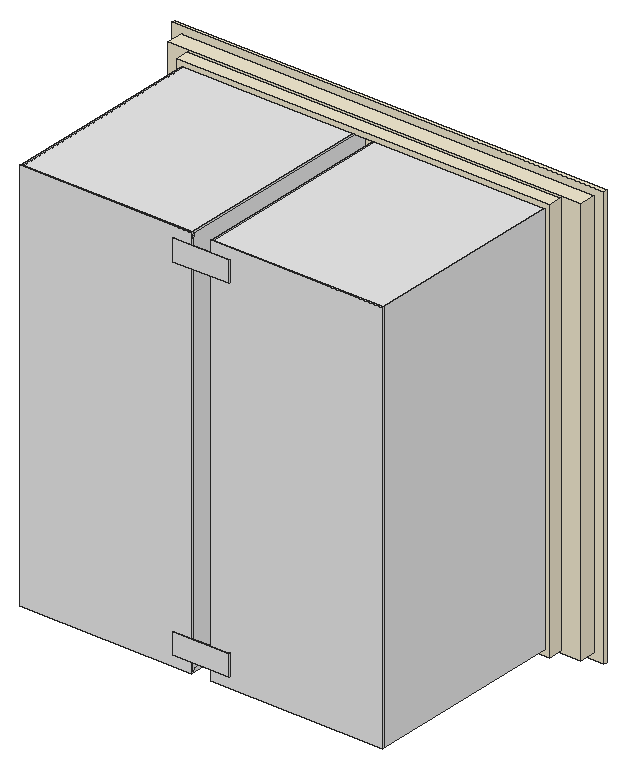
Revit family "Mailboxes_4C-Salsbury_Industries-Front_Load-8_Door_High_Units", category Specialty Equipment, host Wall, Revit 2016 (continued)
Definition of nested family "3700 Series 4C OM2 Configuration"
  Reference planes (in)
    plane 2 "Bottom of Door": z = 0
    plane 3 "Center (Left/Right)": x = 0
    plane 4 "Left Side Face of Door": x = -6.6875
    plane 5 "Right Side Face of Door": x = 6.6875
    plane 6 "Back Face of Door": y = 0.12695
    plane 7 "Front Face of Door": y = -0.12695
    plane 8: z = 3.23047
    plane 9: z = 1.61523
    plane 10: y = -0.46995
    plane 11 "Center Lock Vertical": x = -4.3275
    plane 12 "Center Lock Horizontal": z = 1.61523
    plane 13 "Face of Lock": y = -0.42383
    plane 14 "Divider Height Align": z = 3.50047
    plane 15 "Plate Center": x = -0.16063
    plane 16 "Left Stud Align": x = -5.7025
    plane 17 "Right Stud Align": x = -2.8895
    plane 18 "Top Stud Align": z = 2.27147
    plane 19 "Bottom Stud Align": z = 0.95947
    plane 20 "Hinge Stud Align": x = 5.6875
    plane 21 "Mail Plate Top": z = 2.61547
    plane 22 "Mail Plate Bottom": z = 0.61547
    plane 23: x = -2.1595
    plane 24: x = 1.8405
    plane 25 "Face of Mail Plate": y = -0.16602
    plane 26 "Top of Mail Drop Door": z = 6.73094
    plane 27 "Top of Mail Drop Divider": z = 7.00047
    plane 28 "Face of Mail Drop": y = -0.31995
    plane 29 "Top of Mail Slot": z = 6.42087
    plane 30 "Bottom of Mail Slot": z = 5.67087
    plane 31 "Left Edge of Mail Slot": x = -5.3755
    plane 32 "Right Edge of Mail Slot": x = 5.3755
    plane 33 "Mail Slot Bottom Protusion": z = 6.50987
    plane 34: y = -0.49395
    plane 35: z = 6.15637
    plane 36 "Front of Awning": y = -1.63495
    plane 37: y = -1.15685
    plane 38 "Mail Slot Slope": through (-240, -0.44582, 6.9722) normal (0, -0.5, 0.866)
    plane 39 "Access Lock Offset": y = 0.12695
  Forms (in)
    Extrusion 1, solid, material <- "Front Panel Material"
      sketch origin (0, 0, 0) x (1, 0, 0) y (0, 1, 0)
        loop
          line (-6.4355, 0.12695) -> (-6.6875, -0.05445) -> (-6.6875, -0.12695) -> (6.05625, -0.12695)
          arc (6.05625, -0.12695) -> (6.19558, -0.17661) -> (6.27209, -0.3032) r 0.22029
          arc (6.27209, -0.3032) -> (6.3553, -0.42132) -> (6.4925, -0.46664) r 0.23034
          arc (6.4925, -0.46664) -> (6.63039, -0.40952) -> (6.6875, -0.27164) r 0.195
          line (6.6875, -0.27164) -> (6.6875, 0.12695) -> (-6.4355, 0.12695)
      from 0 to 3.23047
    Extrusion 2, solid, material <- "Front Panel Material"
      sketch origin (0, 0, 3.50047) x (-1, 0, 0) y (0, -1, 0)
        loop
          line (6.6875, -0.12695) -> (6.6875, 0.46995) -> (-6.6875, 0.46995) -> (-6.6875, -0.12695) -> (6.6875, -0.12695)
      from -0.27 to 0
    Extrusion 3, void
      sketch origin (0, 0.12695, 0) x (0, 0, -1) y (-1, 0, 0)
        loop
          circle (-1.61523, 4.3275) r 0.4375
      from 0 to -0.25391
    Extrusion 4, solid, material <- "Lock Material", visible <- "Access Lock"
      sketch origin (0, 0.12695, 0) x (0, 0, -1) y (-1, 0, 0)
        loop
          circle (-1.61523, 4.3275) r 0.42913
      from 0 to -0.25391
    Extrusion 5, void, detail levels fine
      sketch origin (0, 0.12695, 3.4) x (-1, 0, 0) y (0, 0, 1)
        loop
          line (4.3568, -1.47517) -> (4.2982, -1.47517) -> (4.2982, -2.09436) -> (4.3568, -2.09436) -> (4.3568, -1.47517)
      from -0.12695 to -0.25391
    Blend 6, solid, material <- "Front Panel Material", detail levels medium+fine
      base sketch origin (0, -0.12695, 2.68123) x (-1, 0, 0) y (0, 0, 1)
        loop
          circle (5.7025, -0.40977) r 0.15665
      top sketch origin (0, -0.12695, 2.68123) x (-1, 0, 0) y (0, 0, 1)
        loop
          circle (5.7025, -0.40977) r 0.3125
      from -0.11328 to 0
    Blend 7, solid, material <- "Front Panel Material", detail levels medium+fine
      base sketch origin (1.3125, -0.12695, 2.68123) x (-1, 0, 0) y (0, 0, 1)
        loop
          circle (4.202, -0.40977) r 0.15665
      top sketch origin (1.3125, -0.12695, 2.68123) x (-1, 0, 0) y (0, 0, 1)
        loop
          circle (4.202, -0.40977) r 0.3125
      from -0.11328 to 0
    Blend 8, solid, material <- "Front Panel Material", detail levels medium+fine
      base sketch origin (0, -0.12695, 1.36923) x (-1, 0, 0) y (0, 0, 1)
        loop
          circle (5.7025, -0.40977) r 0.15665
      top sketch origin (0, -0.12695, 1.36923) x (-1, 0, 0) y (0, 0, 1)
        loop
          circle (5.7025, -0.40977) r 0.3125
      from -0.11328 to 0
    Blend 9, solid, material <- "Front Panel Material", detail levels medium+fine
      base sketch origin (1.3125, -0.12695, 1.36923) x (-1, 0, 0) y (0, 0, 1)
        loop
          circle (4.202, -0.40977) r 0.15665
      top sketch origin (1.3125, -0.12695, 1.36923) x (-1, 0, 0) y (0, 0, 1)
        loop
          circle (4.202, -0.40977) r 0.3125
      from -0.11328 to 0
    Blend 10, solid, material <- "Front Panel Material", detail levels medium+fine
      base sketch origin (9.8895, -0.12695, 2.68123) x (-1, 0, 0) y (0, 0, 1)
        loop
          circle (4.202, -0.40977) r 0.15665
      top sketch origin (9.8895, -0.12695, 2.68123) x (-1, 0, 0) y (0, 0, 1)
        loop
          circle (4.202, -0.40977) r 0.3125
      from -0.11328 to 0
    Blend 11, solid, material <- "Front Panel Material", detail levels medium+fine
      base sketch origin (9.8895, -0.12695, 1.36923) x (-1, 0, 0) y (0, 0, 1)
        loop
          circle (4.202, -0.40977) r 0.15665
      top sketch origin (9.8895, -0.12695, 1.36923) x (-1, 0, 0) y (0, 0, 1)
        loop
          circle (4.202, -0.40977) r 0.3125
      from -0.11328 to 0
    Extrusion 12, solid, material <- "Lock Material"
      sketch origin (0, -0.12695, 0) x (-1, 0, 0) y (0, 0, 1)
        loop
          line (1.96028, 2.61547) -> (-1.64128, 2.61547)
          arc (-1.64128, 2.61547) -> (-1.78215, 2.55712) -> (-1.8405, 2.41625) r 0.19922
          line (-1.8405, 2.41625) -> (-1.8405, 0.81469)
          arc (-1.8405, 0.81469) -> (-1.78215, 0.67382) -> (-1.64128, 0.61547) r 0.19922
          line (-1.64128, 0.61547) -> (1.96028, 0.61547)
          arc (1.96028, 0.61547) -> (2.10115, 0.67382) -> (2.1595, 0.81469) r 0.19922
          line (2.1595, 0.81469) -> (2.1595, 2.41625)
          arc (2.1595, 2.41625) -> (2.10115, 2.55712) -> (1.96028, 2.61547) r 0.19922
      from 0 to -0.03906
    Extrusion 13, solid, material <- "Front Panel Material"
      sketch origin (-2.13946, 0, 3.50047) x (-1, 0, 0) y (0, -1, 0)
        loop
          line (4.54804, -0.12695) -> (4.54804, 0.31995) -> (-8.82696, 0.31995) -> (-8.82696, -0.12695) -> (4.54804, -0.12695)
      from 0 to 3.0094
    Extrusion 14, void
      sketch origin (0, -0.31995, 0) x (0, 0, -1) y (-1, 0, 0)
        loop
          arc (-5.67087, 5.0005) -> (-6.04587, 5.3755) -> (-6.42087, 5.0005) r 0.375
          line (-6.42087, 5.0005) -> (-6.42087, -5.0005)
          arc (-6.42087, -5.0005) -> (-6.04587, -5.3755) -> (-5.67087, -5.0005) r 0.375
          line (-5.67087, -5.0005) -> (-5.67087, 5.0005)
      from 0 to 0.44691
    Extrusion 15, solid, material <- "Front Panel Material"
      sketch origin (0, 0, 0) x (0, 1, 0) y (0, 0, 1)
        loop
          line (0.12695, 6.50987) -> (0.12695, 7.00047) -> (-0.46995, 7.00047) -> (-0.75605, 6.83078) -> (-0.73973, 6.80251) -> (-1.27431, 6.49388) -> (-1.29063, 6.52214) -> (-1.61027, 6.3376)
          arc (-1.61027, 6.3376) -> (-1.63087, 6.31111) -> (-1.62714, 6.27777) r 0.04454
          line (-1.62714, 6.27777) -> (-1.5282, 6.17883)
          arc (-1.5282, 6.17883) -> (-1.4937, 6.16211) -> (-1.4558, 6.15637) r 0.12791
          line (-1.4558, 6.15637) -> (-1.10623, 6.15637) -> (-0.49395, 6.50987) -> (0.12695, 6.50987)
      from -6.6875 to 6.6875
  Cuts and joins
    Extrusion 3 cuts Extrusion 1
    Extrusion 5 cuts Extrusion 4
    Extrusion 14 cuts Extrusion 13
  Lines and regions (in)
    symbolic lines
      curve 1: circle (-5.7025, -0.12695, 2.27147) r 0.3125 normal (0, 1, 0)
      curve 2: circle (-5.7025, -0.12695, 0.95947) r 0.3125 normal (0, 1, 0)
      curve 3: circle (-2.8895, -0.12695, 0.95947) r 0.3125 normal (0, 1, 0)
      curve 4: circle (-2.8895, -0.12695, 2.27147) r 0.3125 normal (0, 1, 0)
      curve 5: circle (-4.3275, -0.12695, 1.61523) r 0.42913 normal (0, 1, 0)
      curve 6: circle (5.6875, -0.12695, 0.95947) r 0.3125 normal (0, 1, 0)
      curve 7: circle (5.6875, -0.12695, 2.27147) r 0.3125 normal (0, 1, 0)
      curve 8: arc (-2.1595, -0.12695, 2.41625) -> (-2.10115, -0.12695, 2.55712) -> (-1.96028, -0.12695, 2.61547) r 0.19922
      curve 9: arc (1.8405, -0.12695, 2.41625) -> (1.78215, -0.12695, 2.55712) -> (1.64128, -0.12695, 2.61547) r 0.19922
      curve 10: arc (1.8405, -0.12695, 0.81469) -> (1.78215, -0.12695, 0.67382) -> (1.64128, -0.12695, 0.61547) r 0.19922
      curve 11: arc (-1.96028, -0.12695, 0.61547) -> (-2.10115, -0.12695, 0.67382) -> (-2.1595, -0.12695, 0.81469) r 0.19922
      curve 12: line (-2.1595, -0.12695, 0.81469) -> (-2.1595, -0.12695, 2.41625)
      curve 13: line (-1.96028, -0.12695, 2.61547) -> (1.64128, -0.12695, 2.61547)
      curve 14: line (1.8405, -0.12695, 2.41625) -> (1.8405, -0.12695, 0.81469)
      curve 15: line (1.64128, -0.12695, 0.61547) -> (-1.96028, -0.12695, 0.61547)
  Dimensions and locks (in)
    equal spacing: plane 6 "Back Face of Door", plane 1 "Center (Front/Back)", plane 7 "Front Face of Door"
    "Door Depth": plane 6 "Back Face of Door" to plane 7 "Front Face of Door"
    equal spacing: plane 4 "Left Side Face of Door", plane 3 "Center (Left/Right)", plane 5 "Right Side Face of Door"
    "Door Width": plane 4 "Left Side Face of Door" to plane 5 "Right Side Face of Door"
    plane 8 to level = 3.23047"
    equal spacing: plane 8, plane 9, level
    locked: plane 7 "Front Face of Door" to plane 10 at 0.343
    "Center Lock-Vertical": plane 4 "Left Side Face of Door" to plane 11 "Center Lock Vertical"
    "Center Lock-Horizontal": plane 8 to plane 12 "Center Lock Horizontal"
    locked: plane 14 "Divider Height Align" to plane 8 at 0.27
    plane 4 "Left Side Face of Door" to plane 16 "Left Stud Align" to plane 17 "Right Stud Align" = 0.985", 2.813"
    plane 8 to plane 18 "Top Stud Align" to plane 19 "Bottom Stud Align" = 0.959", 1.312"
    plane 20 "Hinge Stud Align" to plane 5 "Right Side Face of Door" = 1.000"
    plane 8 to plane 21 "Mail Plate Top" to plane 22 "Mail Plate Bottom" = 0.615", 2.000"
    plane 4 "Left Side Face of Door" to plane 23 to plane 24 = 4.528", 4.000"
    plane 27 "Top of Mail Drop Divider" to plane 26 "Top of Mail Drop Door" to plane 14 "Divider Height Align" = 0.26953" locked, 3.23047"
    "Door Height": plane 27 "Top of Mail Drop Divider" to level
    plane 28 "Face of Mail Drop" to plane 10 = 0.150"
    locked: plane 27 "Top of Mail Drop Divider" to plane 29 "Top of Mail Slot" at 0.5796
    locked: plane 29 "Top of Mail Slot" to plane 30 "Bottom of Mail Slot" at 0.75
    locked: plane 4 "Left Side Face of Door" to plane 31 "Left Edge of Mail Slot" at 1.312
    locked: plane 32 "Right Edge of Mail Slot" to plane 5 "Right Side Face of Door" at 1.312
    locked: plane 33 "Mail Slot Bottom Protusion" to plane 29 "Top of Mail Slot" at 0.089
    plane 28 "Face of Mail Drop" to plane 34 = 0.174"
    plane 33 "Mail Slot Bottom Protusion" to plane 35 = 0.3535"
    plane 28 "Face of Mail Drop" to plane 36 "Front of Awning" = 1.315"
    plane 4 "Left Side Face of Door" to plane 5 "Right Side Face of Door" = 13.375"
    plane 6 "Back Face of Door" to plane 36 "Front of Awning" = 1.76191"
    "Access Lock Offset": plane 39 "Access Lock Offset" to plane 6 "Back Face of Door"
    aligned and locked: level to plane 2 "Bottom of Door"
    aligned and locked: plane 4 "Left Side Face of Door" to Extrusion 1
    aligned and locked: plane 6 "Back Face of Door" to Extrusion 1
    aligned and locked: plane 7 "Front Face of Door" to Extrusion 1
    aligned and locked: Extrusion 1 to level
    aligned and locked: plane 8 to Extrusion 1
    aligned and locked: Extrusion 2 sketch curve to plane 4 "Left Side Face of Door"
    aligned and locked: Extrusion 2 sketch curve to plane 6 "Back Face of Door"
    aligned and locked: plane 5 "Right Side Face of Door" to Extrusion 2 sketch curve
    aligned and locked: Extrusion 2 to plane 8
    aligned and locked: plane 10 to Extrusion 2 sketch curve
    aligned and locked: plane 14 "Divider Height Align" to Extrusion 2
    aligned and locked: plane 4 "Left Side Face of Door" to Extrusion 2
    aligned and locked: Extrusion 2 to plane 5 "Right Side Face of Door"
    aligned and locked: Extrusion 13 to plane 28 "Face of Mail Drop"
    aligned and locked: plane 29 "Top of Mail Slot" to Extrusion 14 sketch curve
    aligned and locked: cut or joined group of Extrusion 13, Extrusion 14 to cut or joined group of Extrusion 13, Extrusion 14
    aligned and locked: cut or joined group of Extrusion 1, Extrusion 3 to plane 2 "Bottom of Door"
  Automatic sketch dimensions
    Extrusion 1 sketch curve to plane 4 "Left Side Face of Door" = 0.000"
    Extrusion 1 sketch curve to plane 6 "Back Face of Door" = 0.000"
    Extrusion 1 sketch curve to plane 7 "Front Face of Door" = 0.000"
    Extrusion 1 sketch curve to plane 5 "Right Side Face of Door" = 0.000"
    Extrusion 1 sketch curve to plane 4 "Left Side Face of Door" = 0.252"
    Extrusion 1 sketch curve to plane 20 "Hinge Stud Align" = 0.36875"
    Extrusion 1 sketch curve to plane 25 "Face of Mail Plate" = 0.07029"
    plane 5 "Right Side Face of Door" to Extrusion 1 sketch curve = 0.195"
    Extrusion 1 sketch curve to plane 25 "Face of Mail Plate" = 0.10562"
    Extrusion 1 sketch curve to plane 13 "Face of Lock" = 0.07658"
    plane 1 "Center (Front/Back)" to Extrusion 1 sketch curve = 0.05445"
    Extrusion 1 sketch curve to plane 13 "Face of Lock" = 0.12063"
    Extrusion 5 sketch curve to plane 11 "Center Lock Vertical" = 0.0293"
    plane 11 "Center Lock Vertical" to Extrusion 5 sketch curve = 0.0293"
    Extrusion 5 sketch curve to plane 9 = 0.30959"
    plane 9 to Extrusion 5 sketch curve = 0.30959"
    plane 16 "Left Stud Align" to Blend 6 sketch curve = 0.000"  (x2)
    Blend 6 sketch curve to plane 18 "Top Stud Align" = 0.000"  (x2)
    plane 17 "Right Stud Align" to Blend 7 sketch curve = 0.000"  (x2)
    Blend 7 sketch curve to plane 18 "Top Stud Align" = 0.000"  (x2)
    plane 16 "Left Stud Align" to Blend 8 sketch curve = 0.000"  (x2)
    Blend 8 sketch curve to plane 19 "Bottom Stud Align" = 0.000"  (x2)
    plane 17 "Right Stud Align" to Blend 9 sketch curve = 0.000"  (x2)
    Blend 9 sketch curve to plane 19 "Bottom Stud Align" = 0.000"  (x2)
    Blend 10 sketch curve to plane 18 "Top Stud Align" = 0.000"  (x2)
    plane 20 "Hinge Stud Align" to Blend 10 sketch curve = 0.000"  (x2)
    Blend 11 sketch curve to plane 19 "Bottom Stud Align" = 0.000"  (x2)
    plane 20 "Hinge Stud Align" to Blend 11 sketch curve = 0.000"  (x2)
    plane 24 to Extrusion 12 sketch curve = 0.000"
    Extrusion 12 sketch curve to plane 22 "Mail Plate Bottom" = 0.000"
    Extrusion 12 sketch curve to plane 21 "Mail Plate Top" = 0.000"
    plane 23 to Extrusion 12 sketch curve = 0.000"
    plane 24 to Extrusion 12 sketch curve = 0.19922"  (x2)
    plane 18 "Top Stud Align" to Extrusion 12 sketch curve = 0.14478"
    Extrusion 12 sketch curve to plane 23 = 0.19922"
    Extrusion 13 sketch curve to plane 5 "Right Side Face of Door" = 0.000"
    Extrusion 13 sketch curve to plane 4 "Left Side Face of Door" = 0.000"
    Extrusion 13 sketch curve to plane 6 "Back Face of Door" = 0.000"
    Extrusion 13 sketch curve to plane 7 "Front Face of Door" = 0.193"
    Extrusion 14 sketch curve to plane 30 "Bottom of Mail Slot" = 0.000"
    plane 32 "Right Edge of Mail Slot" to Extrusion 14 sketch curve = 0.375"
    Extrusion 14 sketch curve to plane 31 "Left Edge of Mail Slot" = 0.375"
    Extrusion 15 sketch curve to plane 35 = 0.000"
    Extrusion 15 sketch curve to plane 33 "Mail Slot Bottom Protusion" = 0.000"
    Extrusion 15 sketch curve to plane 34 = 0.000"
    Extrusion 15 sketch curve to plane 27 "Top of Mail Drop Divider" = 0.000"
    Extrusion 15 sketch curve to plane 6 "Back Face of Door" = 0.000"
    plane 26 "Top of Mail Drop Door" to Extrusion 15 sketch curve = 0.07158"
    Extrusion 15 sketch curve to plane 34 = 0.24578"
    plane 26 "Top of Mail Drop Door" to Extrusion 15 sketch curve = 0.09984"
    Extrusion 15 sketch curve to Extrusion 15 sketch curve = 0.01632"
    plane 37 to Extrusion 15 sketch curve = 0.05062"
    Extrusion 15 sketch curve to plane 33 "Mail Slot Bottom Protusion" = 0.01599"
    plane 33 "Mail Slot Bottom Protusion" to Extrusion 15 sketch curve = 0.01227"
    plane 36 "Front of Awning" to Extrusion 15 sketch curve = 0.17915"
    plane 35 to Extrusion 15 sketch curve = 0.02246"
    Extrusion 15 sketch curve to Extrusion 15 sketch curve = 0.0724"
    plane 36 "Front of Awning" to Extrusion 15 sketch curve = 0.04696"
    plane 36 "Front of Awning" to Extrusion 15 sketch curve = 0.02469"
    plane 36 "Front of Awning" to Extrusion 15 sketch curve = 0.00781"
    Extrusion 15 sketch curve to Extrusion 15 sketch curve = 0.05983"
    Extrusion 4 sketch curve to plane 9 = 0.000"
    plane 11 "Center Lock Vertical" to Extrusion 4 sketch curve = 0.000"
    Extrusion 3 sketch curve to plane 9 = 0.000"
    plane 11 "Center Lock Vertical" to Extrusion 3 sketch curve = 0.000"
    curve 6 to plane 19 "Bottom Stud Align" = 0.000"
    plane 20 "Hinge Stud Align" to curve 6 = 0.000"
    curve 7 to plane 18 "Top Stud Align" = 0.000"
    plane 20 "Hinge Stud Align" to curve 7 = 0.000"
    plane 24 to curve 14 = 0.000"
    curve 9 to plane 21 "Mail Plate Top" = 0.000"
    curve 11 to plane 22 "Mail Plate Bottom" = 0.000"
    plane 23 to curve 12 = 0.000"
    plane 17 "Right Stud Align" to curve 4 = 0.000"
    plane 17 "Right Stud Align" to curve 3 = 0.000"
    curve 5 to plane 9 = 0.000"
    plane 11 "Center Lock Vertical" to curve 5 = 0.000"
    plane 16 "Left Stud Align" to curve 1 = 0.000"
    plane 16 "Left Stud Align" to curve 2 = 0.000"
    curve 2 to plane 19 "Bottom Stud Align" = 0.000"
    curve 3 to plane 19 "Bottom Stud Align" = 0.000"
    curve 1 to plane 18 "Top Stud Align" = 0.000"
    curve 4 to plane 18 "Top Stud Align" = 0.000"
    plane 18 "Top Stud Align" to curve 9 = 0.14478"
    curve 10 to plane 19 "Bottom Stud Align" = 0.14478"
    plane 18 "Top Stud Align" to curve 8 = 0.14478"
    curve 11 to plane 19 "Bottom Stud Align" = 0.14478"
    radius of Blend 6 sketch curve = 0.15665"
    radius of Blend 6 sketch curve = 0.3125"
    radius of Blend 7 sketch curve = 0.15665"
    radius of Blend 7 sketch curve = 0.3125"
    radius of Blend 8 sketch curve = 0.15665"
    radius of Blend 8 sketch curve = 0.3125"
    radius of Blend 9 sketch curve = 0.15665"
    radius of Blend 9 sketch curve = 0.3125"
    radius of Blend 10 sketch curve = 0.15665"
    radius of Blend 10 sketch curve = 0.3125"
    radius of Blend 11 sketch curve = 0.15665"
    radius of Blend 11 sketch curve = 0.3125"
    radius of Extrusion 4 sketch curve = 0.42913"
    radius of Extrusion 3 sketch curve = 0.4375"
    radius of curve 1 = 0.3125"
    radius of curve 2 = 0.3125"
    radius of curve 3 = 0.3125"
    radius of curve 4 = 0.3125"
    radius of curve 5 = 0.42913"
    radius of curve 6 = 0.3125"
    radius of curve 7 = 0.3125"
Types (11): name | Width | Vertical Center Divider | Type Comments | Top Back Plate | Right Inside Wall | Model | Left Inside Wall | Door Slot R8 Number | Door Slot R8 | Door Slot R7 Number | Door Slot R7 | Door Slot R6 Number | Door Slot R6 | Door Slot R5 | Door Slot R4 Number | Door Slot R4 | Door Slot R3 Number | Door Slot R3 | Door Slot R2 Number | Door Slot R2 | Door Slot R1 Number | Door Slot R1 | Door Slot L8 Number | Door Slot L8 | Door Slot L7 Number | Door Slot L7 | Door Slot L6 Number | Door Slot L6 | Door Slot L5 Number | Door Slot L5 | Door Slot L4 Number | Door Slot L4 | Door Slot L3 Number | Door Slot L3 | Door Slot L2 Number | Door Slot L2 | Door Slot L1 Number | Door Slot L1 | Description | Center Extrusion Offset | Bottom Back Plate | Above Finished Floor (AFF-Bottom of Unit) | Above Finished Floor (AFF-Bottom Shelf)
  3708S-1B FL | 16.344" | no | "4C Horizontal Receptacle Bin - Front Loading" | no | no | "3708S-1B FL" | no | "0" | 4C-8 Door High Receptacle : 4C-8 Door High Receptacle | "0" | 3700 Series 4C Door Configurations : Empty | "0" | 3700 Series 4C Door Configurations : Empty | 3700 Series 4C Door Configurations : Empty | "0" | 3700 Series 4C Door Configurations : Empty | "0" | 3700 Series 4C Door Configurations : Empty | "0" | 3700 Series 4C Door Configurations : Empty | "0" | 3700 Series 4C Door Configurations : Empty | "0" | 3700 Series 4C Door Configurations : Empty | "0" | 3700 Series 4C Door Configurations : Empty | "0" | 3700 Series 4C Door Configurations : Empty | "0" | 3700 Series 4C Door Configurations : Empty | "0" | 3700 Series 4C Door Configurations : Empty | "0" | 3700 Series 4C Door Configurations : Empty | "0" | 3700 Series 4C Door Configurations : Empty | "0" | 3700 Series 4C Door Configurations : Empty | "8 Door High Unit" | 48.000" | no | 13.683" | 15.000"
  3708S-1C FL | 16.344" | no | "4C Horizontal Collection Box - Front Loading" | no | no | "3708S-1C FL" | no | "0" | 4C-8 Door High Collection Box : 4C-8 Door High Collection Box | "0" | 3700 Series 4C Door Configurations : Empty | "0" | 3700 Series 4C Door Configurations : Empty | 3700 Series 4C Door Configurations : Empty | "0" | 3700 Series 4C Door Configurations : Empty | "0" | 3700 Series 4C Door Configurations : Empty | "0" | 3700 Series 4C Door Configurations : Empty | "0" | 3700 Series 4C Door Configurations : Empty | "0" | 3700 Series 4C Door Configurations : Empty | "0" | 3700 Series 4C Door Configurations : Empty | "0" | 3700 Series 4C Door Configurations : Empty | "0" | 3700 Series 4C Door Configurations : Empty | "0" | 3700 Series 4C Door Configurations : Empty | "0" | 3700 Series 4C Door Configurations : Empty | "0" | 3700 Series 4C Door Configurations : Empty | "0" | 3700 Series 4C Door Configurations : Empty | "8 Door High Unit" | 48.000" | no | 13.683" | 15.000"
  3708D-14 FL | 31.09766" | yes | "4C Standard Horizontal Mailbox - Front Loading" | yes | yes | "3708D-14 FL" | yes | "14" | 3700 Series 4C Door Configurations : MB1 Door w/ Divider | "13" | 3700 Series 4C Door Configurations : MB1 Door w/ Divider | "12" | 3700 Series 4C Door Configurations : MB1 Door w/ Divider | 3700 Series 4C OM2 Configuration : OM2-FL | "0" | 3700 Series 4C Door Configurations : Empty | "11" | 3700 Series 4C Door Configurations : MB1 Door w/ Divider | "10" | 3700 Series 4C Door Configurations : MB1 Door w/ Divider | "9" | 3700 Series 4C Door Configurations : MB1 Door | "8" | 3700 Series 4C Door Configurations : MB1 Door w/ Divider | "7" | 3700 Series 4C Door Configurations : MB1 Door w/ Divider | "6" | 3700 Series 4C Door Configurations : MB1 Door w/ Divider | "5" | 3700 Series 4C Door Configurations : MB1 Door w/ Divider | "4" | 3700 Series 4C Door Configurations : MB1 Door w/ Divider | "3" | 3700 Series 4C Door Configurations : MB1 Door w/ Divider | "2" | 3700 Series 4C Door Configurations : MB1 Door w/ Divider | "1" | 3700 Series 4C Door Configurations : MB1 Door | "8 Door High Unit:  14 MB1, OM2" | 0.000" | yes | 26.683" | 28.000"
  3708S-06 FL | 16.344" | yes | "4C Standard Horizontal Mailbox - Front Loading" | yes | yes | "3708S-06 FL" | yes | "6" | 3700 Series 4C Door Configurations : MB1 Door w/ Divider | "5" | 3700 Series 4C Door Configurations : MB1 Door w/ Divider | "4" | 3700 Series 4C Door Configurations : MB1 Door w/ Divider | 3700 Series 4C OM2 Configuration : OM2-FL | "0" | 3700 Series 4C Door Configurations : Empty | "3" | 3700 Series 4C Door Configurations : MB1 Door w/ Divider | "2" | 3700 Series 4C Door Configurations : MB1 Door w/ Divider | "1" | 3700 Series 4C Door Configurations : MB1 Door | "0" | 3700 Series 4C Door Configurations : Empty | "0" | 3700 Series 4C Door Configurations : Empty | "0" | 3700 Series 4C Door Configurations : Empty | "0" | 3700 Series 4C Door Configurations : Empty | "0" | 3700 Series 4C Door Configurations : Empty | "0" | 3700 Series 4C Door Configurations : Empty | "0" | 3700 Series 4C Door Configurations : Empty | "0" | 3700 Series 4C Door Configurations : Empty | "8 Door High Unit:  6 MB1, OM2" | 0.000" | yes | 26.683" | 28.000"
  3708D-13 FL | 31.09766" | yes | "4C Standard Horizontal Mailbox - Front Loading" | yes | yes | "3708D-13 FL" | yes | "13" | 3700 Series 4C Door Configurations : MB1 Door w/ Divider | "12" | 3700 Series 4C Door Configurations : MB1 Door w/ Divider | "0" | 3700 Series 4C OM3 Configuration : OM3-FL | 3700 Series 4C Door Configurations : Empty | "0" | 3700 Series 4C Door Configurations : Empty | "11" | 3700 Series 4C Door Configurations : MB1 Door w/ Divider | "10" | 3700 Series 4C Door Configurations : MB1 Door w/ Divider | "9" | 3700 Series 4C Door Configurations : MB1 Door | "8" | 3700 Series 4C Door Configurations : MB1 Door w/ Divider | "7" | 3700 Series 4C Door Configurations : MB1 Door w/ Divider | "6" | 3700 Series 4C Door Configurations : MB1 Door w/ Divider | "5" | 3700 Series 4C Door Configurations : MB1 Door w/ Divider | "4" | 3700 Series 4C Door Configurations : MB1 Door w/ Divider | "3" | 3700 Series 4C Door Configurations : MB1 Door w/ Divider | "2" | 3700 Series 4C Door Configurations : MB1 Door w/ Divider | "1" | 3700 Series 4C Door Configurations : MB1 Door | "8 Door High Unit:  13 MB1, OM3" | 0.000" | yes | 26.683" | 28.000"
  3708D-09 FL | 31.09766" | yes | "4C Standard Horizontal Mailbox - Front Loading" | yes | yes | "3708D-09 FL" | yes | "9" | 3700 Series 4C Door Configurations : MB1 Door w/ Divider | "8" | 3700 Series 4C Door Configurations : MB1 Door w/ Divider | "7" | 3700 Series 4C Door Configurations : MB1 Door w/ Divider | 3700 Series 4C OM2 Configuration : OM2-FL | "0" | 3700 Series 4C Door Configurations : Empty | "6" | 3700 Series 4C Door Configurations : MB1 Door w/ Divider | "5" | 3700 Series 4C Door Configurations : MB1 Door w/ Divider | "4" | 3700 Series 4C Door Configurations : MB1 Door | "1P" | 3700 Series 4C Parcel Configurations : PL5 w/ Divider | "0" | 3700 Series 4C Door Configurations : Empty | "0" | 3700 Series 4C Door Configurations : Empty | "0" | 3700 Series 4C Door Configurations : Empty | "0" | 3700 Series 4C Door Configurations : Empty | "3" | 3700 Series 4C Door Configurations : MB1 Door w/ Divider | "2" | 3700 Series 4C Door Configurations : MB1 Door w/ Divider | "1" | 3700 Series 4C Door Configurations : MB1 Door | "8 Door High Unit:  9 MB1, 1 PL5, OM2" | 0.000" | yes | 26.683" | 28.000"
  3708D-07 FL | 31.09766" | yes | "4C Standard Horizontal Mailbox - Front Loading" | yes | yes | "3708D-07 FL" | yes | "7" | 3700 Series 4C Door Configurations : MB2 Door w/ Divider | "0" | 3700 Series 4C Door Configurations : Empty | "6" | 3700 Series 4C Door Configurations : MB2 Door w/ Divider | 3700 Series 4C Door Configurations : Empty | "0" | 3700 Series 4C OM2 Configuration : OM2-FL | "0" | 3700 Series 4C Door Configurations : Empty | "5" | 3700 Series 4C Door Configurations : MB2 Door | "0" | 3700 Series 4C Door Configurations : Empty | "4" | 3700 Series 4C Door Configurations : MB2 Door w/ Divider | "0" | 3700 Series 4C Door Configurations : Empty | "3" | 3700 Series 4C Door Configurations : MB2 Door w/ Divider | "0" | 3700 Series 4C Door Configurations : Empty | "2" | 3700 Series 4C Door Configurations : MB2 Door w/ Divider | "0" | 3700 Series 4C Door Configurations : Empty | "1" | 3700 Series 4C Door Configurations : MB2 Door | "0" | 3700 Series 4C Door Configurations : Empty | "8 Door High Unit:  7 MB2, OM2" | 0.000" | yes | 26.683" | 28.000"
  3708D-04 FL | 31.09766" | yes | "4C Standard Horizontal Mailbox - Front Loading" | yes | yes | "3708D-04 FL" | yes | "4" | 3700 Series 4C Door Configurations : MB2 Door w/ Divider | "0" | 3700 Series 4C Door Configurations : Empty | "3" | 3700 Series 4C Door Configurations : MB2 Door w/ Divider | 3700 Series 4C Door Configurations : Empty | "0" | 3700 Series 4C OM2 Configuration : OM2-FL | "0" | 3700 Series 4C Door Configurations : Empty | "2" | 3700 Series 4C Door Configurations : MB2 Door | "0" | 3700 Series 4C Door Configurations : Empty | "1P" | 3700 Series 4C Parcel Configurations : PL6 w/ Divider | "0" | 3700 Series 4C Door Configurations : Empty | "0" | 3700 Series 4C Door Configurations : Empty | "0" | 3700 Series 4C Door Configurations : Empty | "0" | 3700 Series 4C Door Configurations : Empty | "0" | 3700 Series 4C Door Configurations : Empty | "1" | 3700 Series 4C Door Configurations : MB2 Door | "0" | 3700 Series 4C Door Configurations : Empty | "8 Door High Unit:  4 MB2, 1 PL6, OM2" | 0.000" | yes | 26.683" | 28.000"
  3708S-03 FL | 16.344" | yes | "4C Standard Horizontal Mailbox - Front Loading" | yes | yes | "3708S-03 FL" | yes | "3" | 3700 Series 4C Door Configurations : MB2 Door w/ Divider | "0" | 3700 Series 4C Door Configurations : Empty | "2" | 3700 Series 4C Door Configurations : MB2 Door w/ Divider | 3700 Series 4C Door Configurations : Empty | "0" | 3700 Series 4C OM2 Configuration : OM2-FL | "0" | 3700 Series 4C Door Configurations : Empty | "1" | 3700 Series 4C Door Configurations : MB2 Door | "0" | 3700 Series 4C Door Configurations : Empty | "0" | 3700 Series 4C Door Configurations : Empty | "0" | 3700 Series 4C Door Configurations : Empty | "0" | 3700 Series 4C Door Configurations : Empty | "0" | 3700 Series 4C Door Configurations : Empty | "0" | 3700 Series 4C Door Configurations : Empty | "0" | 3700 Series 4C Door Configurations : Empty | "0" | 3700 Series 4C Door Configurations : Empty | "0" | 3700 Series 4C Door Configurations : Empty | "8 Door High Unit:  3 MB2, OM2" | 0.000" | yes | 26.683" | 28.000"
  3708S-01 FL | 16.344" | yes | "4C Standard Horizontal Mailbox - Front Loading" | yes | yes | "3708S-01 FL" | yes | "1P" | 3700 Series 4C Parcel Configurations : PL5 w/ Divider | "0" | 3700 Series 4C Door Configurations : Empty | "0" | 3700 Series 4C Door Configurations : Empty | 3700 Series 4C Door Configurations : Empty | "0" | 3700 Series 4C Door Configurations : Empty | "0" | 3700 Series 4C OM2 Configuration : OM2-FL | "0" | 3700 Series 4C Door Configurations : Empty | "1" | 3700 Series 4C Door Configurations : MB1 Door | "0" | 3700 Series 4C Door Configurations : Empty | "0" | 3700 Series 4C Door Configurations : Empty | "0" | 3700 Series 4C Door Configurations : Empty | "0" | 3700 Series 4C Door Configurations : Empty | "0" | 3700 Series 4C Door Configurations : Empty | "0" | 3700 Series 4C Door Configurations : Empty | "0" | 3700 Series 4C Door Configurations : Empty | "0" | 3700 Series 4C Door Configurations : Empty | "8 Door High Unit:  1 MB1, 1 PL5, OM2" | 0.000" | yes | 13.683" | 15.000"
  3708S-2P FL | 16.344" | yes | "4C Standard Horizontal Mailbox - Front Loading" | yes | yes | "3708S-2P FL" | yes | "2P" | 3700 Series 4C Parcel Configurations : PL4 w/ Divider | "0" | 3700 Series 4C Door Configurations : Empty | "0" | 3700 Series 4C Door Configurations : Empty | 3700 Series 4C Door Configurations : Empty | "1P" | 3700 Series 4C Parcel Configurations : PL4 | "0" | 3700 Series 4C Door Configurations : Empty | "0" | 3700 Series 4C Door Configurations : Empty | "0" | 3700 Series 4C Door Configurations : Empty | "0" | 3700 Series 4C Door Configurations : Empty | "0" | 3700 Series 4C Door Configurations : Empty | "0" | 3700 Series 4C Door Configurations : Empty | "0" | 3700 Series 4C Door Configurations : Empty | "0" | 3700 Series 4C Door Configurations : Empty | "0" | 3700 Series 4C Door Configurations : Empty | "0" | 3700 Series 4C Door Configurations : Empty | "0" | 3700 Series 4C Door Configurations : Empty | "8 Door High Unit:  2 PL4" | 0.000" | yes | 13.683" | 15.000"
